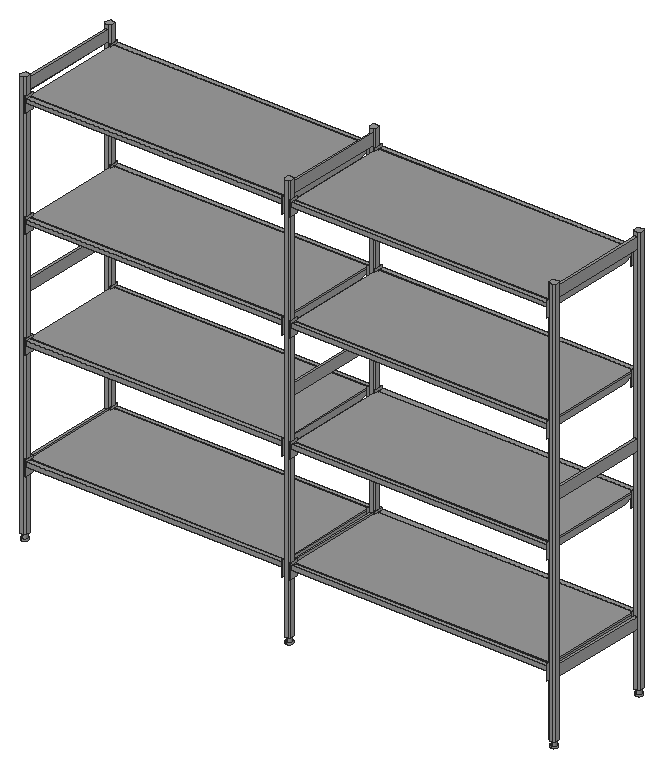
Revit family "QF_ELECTROLUXPROFESSIONAL_137045_BLS2224", category Attrezzature speciali, Revit 2020
Family settings
  Quota connettore circolare = Usa diametro
  Tipo di parte = Normale
  Basato su piano di lavoro = No
  Sempre verticale = Sì
  Taglio con vuoti quando caricato = No
  Condiviso = No
  Punto di calcolo locali = No
Parameters (values of type "Standard")
  Weight = 41.00 kg
  Watts = 0 W
  Volts = 0 V
  URL Manufacturer = "https://www.electroluxprofessional.com/"
  URL = "https://www.electroluxprofessional.com/"
  Steam Supply Size = 0 mm
  Steam Supply Minimum Pressure = 0.0 Pa
  Steam Supply Maximum Pressure = 0.0 Pa
  Steam Consumption per Hour = 0
  Refrigeration Suction Line Size = 0.0 mm
  Refrigeration Liquid Line Size = 0.0 mm
  Refrigerant Compressor Remote = yes
  Prospetto di default = 0.0 mm
  Phase = 0
  Modello = "BLS2224"
  Produttore = "Electrolux Professional"
  Length Actual = 2224.0 mm  # constant formula
  Item Number = "137045"
  Hot Water Size = 0 mm
  Height Actual = 1700.0 mm  # constant formula
  HP = "0 HP"
  Gas Size = 0 mm
  Gas KW = 0
  Gas Input Pressure = 0 W
  Direct Waste Size = 0 mm
  Descrizione = "ALUM.LINEAR SHELV.-POLY.TIERS-475X2224MM"
  Depth Actual = 475.0 mm  # constant formula
  Cycle = 0 Hz
  Condensate Return Size = 0 mm
  Compressed Air Volume = 0.0 L/s
  Compressed Air Size = 0 mm
  Compressed Air Pressure = 0.0 Pa
  Cold Water Size = 0 mm
  Accessory = yes
Reference planes
  plane 1: z = 0
  plane 2 "CenterLeft": x = -31
  plane 3 "LEFT": x = -417
  plane 4 "BACK": y = 23
  plane 5 "FRONT": y = -452
  plane 6 "TOP": z = 1700
  plane 7: x = -385
  plane 8: x = 677
  plane 9 "Center (Front/Back)": y = -214.5
  plane 10: y = -8.5
  plane 11: y = -420.5
  plane 12 "FEET": z = 25
  plane 13: z = 275
  plane 14: z = 725
  plane 15: z = 1175
  plane 16: z = 1625
  plane 17 "CXLeft": x = -403
  plane 18 "Center (Left/Right)": x = 695
  plane 19: y = 5.5
  plane 20 "CYBack": y = 5.5
  plane 21 "CYFront": y = -434.5
  plane 22 "RIGHT": x = 1807
  plane 23: x = 1775
  plane 24 "CXRight": x = 1793
  plane 25: x = 713
Forms (mm)
  Extrusion 1, solid, material "QF_Aluminum"
    sketch origin (-417, 0, -4.006) x (0, 1, 0) y (0, 0, 1)
      loop
        line (-12, 1637.003) -> (4, 1637.003) -> (4, 1655) -> (2.007, 1655) -> (2.007, 1648.501) -> (-431, 1648.501) -> (-431, 1655) -> (-433, 1655) -> (-433, 1637.003) -> (-417, 1637.003) -> (-383, 1625) -> (-46, 1625) -> (-12, 1637.003)
      loop
        line (-12, 1187.003) -> (4, 1187.003) -> (4, 1205) -> (2.007, 1205) -> (2.007, 1198.501) -> (-431, 1198.501) -> (-431, 1205) -> (-433, 1205) -> (-433, 1187.003) -> (-417, 1187.003) -> (-383, 1175) -> (-46, 1175) -> (-12, 1187.003)
      loop
        line (-12, 737.003) -> (4, 737.003) -> (4, 755) -> (2.007, 755) -> (2.007, 748.501) -> (-431, 748.501) -> (-431, 755) -> (-433, 755) -> (-433, 737.003) -> (-417, 737.003) -> (-383, 725) -> (-46, 725) -> (-12, 737.003)
      loop
        line (-12, 287.003) -> (4, 287.003) -> (4, 305) -> (2.007, 305) -> (2.007, 298.501) -> (-431, 298.501) -> (-431, 305) -> (-433, 305) -> (-433, 287.003) -> (-417, 287.003) -> (-383, 275) -> (-46, 275) -> (-12, 287.003)
    from 37 to 32
  Extrusion 2, solid, material "QF_Aluminum"
    sketch origin (-417, 0, 0) x (0, 1, 0) y (0, 0, 1)
      loop
        line (23, 246.005) -> (23, 307.993) -> (-12.993, 307.993) -> (-12.993, 246.005) -> (23, 246.005)
      loop
        line (-452, 246.005) -> (-416.007, 246.005) -> (-416.007, 307.993) -> (-452, 307.993) -> (-452, 246.005)
      loop
        line (23, 696.005) -> (23, 757.993) -> (-12.993, 757.993) -> (-12.993, 696.005) -> (23, 696.005)
      loop
        line (-452, 696.005) -> (-416.007, 696.005) -> (-416.007, 757.993) -> (-452, 757.993) -> (-452, 696.005)
      loop
        line (23, 1146.005) -> (23, 1207.993) -> (-12.993, 1207.993) -> (-12.993, 1146.005) -> (23, 1146.005)
      loop
        line (-452, 1146.005) -> (-416.007, 1146.005) -> (-416.007, 1207.993) -> (-452, 1207.993) -> (-452, 1146.005)
      loop
        line (23, 1596.005) -> (23, 1657.993) -> (-12.993, 1657.993) -> (-12.993, 1596.005) -> (23, 1596.005)
      loop
        line (-452, 1596.005) -> (-416.007, 1596.005) -> (-416.007, 1657.993) -> (-452, 1657.993) -> (-452, 1596.005)
    from 28 to 32
  Extrusion 3, solid, material "QF_Aluminum"
    sketch origin (-417, 0, 0) x (0, 1, 0) y (0, 0, 1)
      loop
        line (4, 1650.994) -> (4, 1632.998) -> (23, 1632.998) -> (23, 1650.994) -> (4, 1650.994)
      loop
        line (-433, 1650.994) -> (-452, 1650.994) -> (-452, 1632.998) -> (-433, 1632.998) -> (-433, 1650.994)
      loop
        line (4, 1200.994) -> (4, 1182.998) -> (23, 1182.998) -> (23, 1200.994) -> (4, 1200.994)
      loop
        line (-433, 1200.994) -> (-452, 1200.994) -> (-452, 1182.998) -> (-433, 1182.998) -> (-433, 1200.994)
      loop
        line (4, 750.994) -> (4, 732.998) -> (23, 732.998) -> (23, 750.994) -> (4, 750.994)
      loop
        line (-433, 750.994) -> (-452, 750.994) -> (-452, 732.998) -> (-433, 732.998) -> (-433, 750.994)
      loop
        line (4, 300.994) -> (4, 282.998) -> (23, 282.998) -> (23, 300.994) -> (4, 300.994)
      loop
        line (-433, 300.994) -> (-452, 300.994) -> (-452, 282.998) -> (-433, 282.998) -> (-433, 300.994)
    from 32 to 1094
  Extrusion 4, solid, material "QF_Polyethylene"
    sketch origin (-417, 0, 0) x (0, 1, 0) y (0, 0, 1)
      loop
        line (2.007, 1650.994) -> (-431, 1650.994) -> (-431, 1644.496) -> (2.007, 1644.496) -> (2.007, 1650.994)
      loop
        line (2.007, 1200.994) -> (-431, 1200.994) -> (-431, 1194.496) -> (2.007, 1194.496) -> (2.007, 1200.994)
      loop
        line (2.007, 750.994) -> (-431, 750.994) -> (-431, 744.496) -> (2.007, 744.496) -> (2.007, 750.994)
      loop
        line (2.007, 300.994) -> (-431, 300.994) -> (-431, 294.496) -> (2.007, 294.496) -> (2.007, 300.994)
    from 32 to 1094
  Extrusion 5, solid, material "QF_Aluminum"
    sketch origin (1807, 0, 0) x (0, 1, 0) y (0, 0, 1)
      loop
        line (4, 1650.994) -> (4, 1632.998) -> (23, 1632.998) -> (23, 1650.994) -> (4, 1650.994)
      loop
        line (-433, 1650.994) -> (-452, 1650.994) -> (-452, 1632.998) -> (-433, 1632.998) -> (-433, 1650.994)
      loop
        line (4, 1200.994) -> (4, 1182.998) -> (23, 1182.998) -> (23, 1200.994) -> (4, 1200.994)
      loop
        line (-433, 1200.994) -> (-452, 1200.994) -> (-452, 1182.998) -> (-433, 1182.998) -> (-433, 1200.994)
      loop
        line (4, 750.994) -> (4, 732.998) -> (23, 732.998) -> (23, 750.994) -> (4, 750.994)
      loop
        line (-433, 750.994) -> (-452, 750.994) -> (-452, 732.998) -> (-433, 732.998) -> (-433, 750.994)
      loop
        line (4, 300.994) -> (4, 282.998) -> (23, 282.998) -> (23, 300.994) -> (4, 300.994)
      loop
        line (-433, 300.994) -> (-452, 300.994) -> (-452, 282.998) -> (-433, 282.998) -> (-433, 300.994)
    from -32 to -1094
  Extrusion 6, solid, material "QF_Polyethylene"
    sketch origin (1807, 0, 0) x (0, 1, 0) y (0, 0, 1)
      loop
        line (2.007, 1650.994) -> (-431, 1650.994) -> (-431, 1644.496) -> (2.007, 1644.496) -> (2.007, 1650.994)
      loop
        line (2.007, 1200.994) -> (-431, 1200.994) -> (-431, 1194.496) -> (2.007, 1194.496) -> (2.007, 1200.994)
      loop
        line (2.007, 750.994) -> (-431, 750.994) -> (-431, 744.496) -> (2.007, 744.496) -> (2.007, 750.994)
      loop
        line (2.007, 300.994) -> (-431, 300.994) -> (-431, 294.496) -> (2.007, 294.496) -> (2.007, 300.994)
    from -32 to -1094
Lines and regions (mm)
  symbolic lines
    curve 1: line (677, 4, 1700) -> (-385, 4, 1700)
    curve 2: line (-408, -8.5, 1700) -> (-408, -420.5, 1700)
    curve 3: line (-398, -420.5, 1700) -> (-398, -8.5, 1700)
    curve 4: line (-389, 23, 1700) -> (681, 23, 1700)
    curve 5: line (-385, -452, 1700) -> (677, -452, 1700)
    curve 6: line (709, 23, 1700) -> (1779, 23, 1700)
    curve 7: line (709, -452, 1700) -> (1779, -452, 1700)
    curve 8: line (-385, -433, 1700) -> (677, -433, 1700)
    curve 9: line (713, -433, 1700) -> (1775, -433, 1700)
    curve 10: line (713, 4, 1700) -> (1775, 4, 1700)
    curve 11: line (1775, -12.993, 1700) -> (1775, -416.007, 1700)
    curve 12: line (677, -12.993, 1700) -> (677, -416.007, 1700)
    curve 13: line (713, -416.007, 1700) -> (713, -12.993, 1700)
    curve 14: line (-385, -12.993, 1700) -> (-385, -416.007, 1700)
Dimensions and locks
  plane 3 "LEFT" to plane 2 "CenterLeft" = 386.0 mm
  locked: plane 6 "TOP" to level at 1700
  locked: plane 4 "BACK" to plane 5 "FRONT" at 475
  locked: plane 7 to plane 8 at 1062
  locked: plane 10 to plane 11 at 412
  equal spacing: plane 10, plane 9 "Center (Front/Back)", plane 11
  equal spacing: plane 4 "BACK", plane 9 "Center (Front/Back)", plane 5 "FRONT"
  plane 12 "FEET" to level = 25.0 mm
  plane 6 "TOP" to plane 12 "FEET" = 1675.0 mm
  plane 13 to plane 12 "FEET" = 250.0 mm
  plane 14 to plane 13 = 450.0 mm
  plane 15 to plane 14 = 450.0 mm
  plane 16 to plane 15 = 450.0 mm
  locked: plane 4 "BACK" to plane 20 "CYBack" at 17.5
  locked: plane 21 "CYFront" to plane 5 "FRONT" at 17.5
  locked: plane 4 "BACK" to Extrusion 1 at 19
  locked: Extrusion 1 to plane 5 "FRONT" at 19
  Extrusion 1 sketch curve to plane 21 "CYFront" = 3.5 mm
  plane 3 "LEFT" to plane 22 "RIGHT" = 2224.0 mm
  locked: plane 25 to plane 23 at 1062
  locked: plane 8 to plane 18 "Center (Left/Right)" at 18
  locked: plane 18 "Center (Left/Right)" to plane 25 at 18
  locked: plane 3 "LEFT" to plane 7 at 32
  locked: plane 24 "CXRight" to plane 22 "RIGHT" at 14
  aligned and locked: level to plane 1
  aligned and locked: plane 7 to Extrusion 1
  aligned and locked: Extrusion 2 to plane 7
  aligned and locked: plane 7 to Extrusion 4
  aligned and locked: Extrusion 4 to plane 8
  aligned and locked: plane 7 to Extrusion 3
  aligned and locked: Extrusion 3 to plane 8
  aligned and locked: Extrusion 3 sketch curve to Extrusion 1
  aligned and locked: Extrusion 1 to Extrusion 3 sketch curve
  aligned and locked: Extrusion 3 sketch curve to Extrusion 3 sketch curve  (x2)
  aligned and locked: Extrusion 1 sketch curve to Extrusion 1 sketch curve  (x3)
  aligned and locked: Extrusion 4 sketch curve to Extrusion 1  (x4)
  aligned and locked: Extrusion 5 sketch curve to Extrusion 5 sketch curve  (x2)
  aligned and locked: Extrusion 5 to plane 25
  aligned and locked: Extrusion 6 to plane 25
  aligned and locked: nested 3 to plane 18 "Center (Left/Right)"
  aligned and locked: nested 1 to plane 17 "CXLeft"
  aligned and locked: Extrusion 3 to plane 7  (x3)
  aligned and locked: plane 8 to Extrusion 3  (x4)
  aligned and locked: plane 25 to Extrusion 5  (x4)
  aligned and locked: plane 25 to Extrusion 6  (x4)
  aligned and locked: plane 8 to Extrusion 4  (x4)
  aligned and locked: nested 2 to plane 24 "CXRight"
  aligned and locked: Extrusion 5 to plane 23
  aligned and locked: Extrusion 6 to plane 23
  aligned and locked: plane 23 to Extrusion 5  (x3)
  aligned and locked: plane 23 to Extrusion 6  (x3)
Automatic sketch dimensions
  plane 21 "CYFront" to Extrusion 1 sketch curve = 1.5 mm  (x4)
  plane 11 to Extrusion 1 sketch curve = 3.5 mm  (x4)
  Extrusion 1 sketch curve to plane 13 = 4.006 mm
  Extrusion 1 sketch curve to Extrusion 1 sketch curve = 34.0 mm  (x4)
  Extrusion 1 sketch curve to plane 14 = 4.006 mm
  Extrusion 1 sketch curve to plane 15 = 4.006 mm
  Extrusion 1 sketch curve to plane 16 = 4.006 mm
  Extrusion 1 sketch curve to plane 10 = 37.5 mm  (x4)
  Extrusion 1 sketch curve to plane 10 = 3.5 mm  (x4)
  plane 19 to Extrusion 1 sketch curve = 3.493 mm  (x4)
  plane 19 to Extrusion 1 sketch curve = 1.5 mm  (x4)
  plane 13 to Extrusion 1 sketch curve = 7.998 mm  (x2)
  Extrusion 1 sketch curve to Extrusion 1 sketch curve = 11.498 mm  (x4)
  Extrusion 1 sketch curve to Extrusion 1 sketch curve = 6.499 mm  (x8)
  plane 14 to Extrusion 1 sketch curve = 7.998 mm  (x2)
  plane 15 to Extrusion 1 sketch curve = 7.998 mm  (x2)
  plane 16 to Extrusion 1 sketch curve = 7.998 mm  (x2)
  Extrusion 2 sketch curve to plane 5 "FRONT" = 0.0 mm  (x4)
  Extrusion 2 sketch curve to plane 4 "BACK" = 0.0 mm  (x4)
  plane 11 to Extrusion 2 sketch curve = 4.493 mm  (x4)
  Extrusion 2 sketch curve to plane 10 = 4.493 mm  (x4)
  Extrusion 2 sketch curve to plane 13 = 28.995 mm  (x2)
  plane 13 to Extrusion 2 sketch curve = 32.993 mm  (x2)
  Extrusion 2 sketch curve to plane 14 = 28.995 mm  (x2)
  plane 14 to Extrusion 2 sketch curve = 32.993 mm  (x2)
  Extrusion 2 sketch curve to plane 15 = 28.995 mm  (x2)
  plane 15 to Extrusion 2 sketch curve = 32.993 mm  (x2)
  Extrusion 2 sketch curve to plane 16 = 28.995 mm  (x2)
  plane 16 to Extrusion 2 sketch curve = 32.993 mm  (x2)
  Extrusion 3 sketch curve to plane 5 "FRONT" = 0.0 mm  (x4)
  Extrusion 3 sketch curve to plane 4 "BACK" = 0.0 mm  (x4)
  plane 19 to Extrusion 3 sketch curve = 1.5 mm  (x4)
  plane 13 to Extrusion 3 sketch curve = 7.998 mm  (x2)
  Extrusion 3 sketch curve to Extrusion 3 sketch curve = 17.997 mm  (x8)
  plane 14 to Extrusion 3 sketch curve = 7.998 mm  (x2)
  plane 15 to Extrusion 3 sketch curve = 7.998 mm  (x2)
  plane 16 to Extrusion 3 sketch curve = 7.998 mm  (x2)
  plane 19 to Extrusion 4 sketch curve = 3.493 mm  (x4)
  plane 13 to Extrusion 4 sketch curve = 19.496 mm
  Extrusion 4 sketch curve to Extrusion 4 sketch curve = 6.499 mm  (x4)
  plane 14 to Extrusion 4 sketch curve = 19.496 mm
  plane 15 to Extrusion 4 sketch curve = 19.496 mm
  plane 16 to Extrusion 4 sketch curve = 19.496 mm
  Extrusion 5 sketch curve to plane 5 "FRONT" = 0.0 mm  (x4)
  Extrusion 5 sketch curve to plane 4 "BACK" = 0.0 mm  (x4)
  plane 21 "CYFront" to Extrusion 5 sketch curve = 1.5 mm  (x2)
  plane 19 to Extrusion 5 sketch curve = 1.5 mm  (x4)
  plane 13 to Extrusion 5 sketch curve = 7.998 mm  (x2)
  Extrusion 5 sketch curve to Extrusion 5 sketch curve = 17.997 mm  (x8)
  plane 14 to Extrusion 5 sketch curve = 7.998 mm  (x2)
  plane 15 to Extrusion 5 sketch curve = 7.998 mm  (x2)
  plane 16 to Extrusion 5 sketch curve = 7.998 mm  (x2)
  plane 21 "CYFront" to Extrusion 6 sketch curve = 3.5 mm  (x4)
  plane 19 to Extrusion 6 sketch curve = 3.493 mm  (x4)
  plane 13 to Extrusion 6 sketch curve = 19.496 mm
  Extrusion 6 sketch curve to Extrusion 6 sketch curve = 6.499 mm  (x4)
  plane 14 to Extrusion 6 sketch curve = 19.496 mm
  plane 15 to Extrusion 6 sketch curve = 19.496 mm
  plane 16 to Extrusion 6 sketch curve = 19.496 mm
  curve 7 to plane 5 "FRONT" = 0.0 mm
  curve 5 to plane 5 "FRONT" = 0.0 mm
  curve 8 to plane 8 = 0.0 mm
  curve 9 to plane 25 = 0.0 mm
  curve 9 to plane 23 = 0.0 mm
  curve 8 to plane 7 = 0.0 mm
  curve 2 to plane 11 = 0.0 mm
  curve 3 to plane 11 = 0.0 mm
  curve 14 to plane 7 = 0.0 mm
  curve 13 to plane 25 = 0.0 mm
  curve 12 to plane 8 = 0.0 mm
  curve 11 to plane 23 = 0.0 mm
  curve 3 to plane 10 = 0.0 mm
  curve 2 to plane 10 = 0.0 mm
  curve 1 to plane 8 = 0.0 mm
  curve 1 to plane 7 = 0.0 mm
  curve 10 to plane 23 = 0.0 mm
  curve 10 to plane 25 = 0.0 mm
  curve 4 to plane 4 "BACK" = 0.0 mm
  curve 6 to plane 4 "BACK" = 0.0 mm
  curve 5 to plane 8 = 0.0 mm
  curve 5 to plane 7 = 0.0 mm
  plane 21 "CYFront" to curve 8 = 1.5 mm
  plane 21 "CYFront" to curve 9 = 1.5 mm
  plane 11 to curve 14 = 4.493 mm
  plane 11 to curve 13 = 4.493 mm
  plane 11 to curve 12 = 4.493 mm
  plane 11 to curve 11 = 4.493 mm
  curve 14 to plane 10 = 4.493 mm
  curve 13 to plane 10 = 4.493 mm
  curve 12 to plane 10 = 4.493 mm
  curve 11 to plane 10 = 4.493 mm
  plane 19 to curve 1 = 1.5 mm
  plane 19 to curve 10 = 1.5 mm
  curve 6 to plane 23 = 4.0 mm
  curve 7 to plane 23 = 4.0 mm
  curve 6 to plane 25 = 4.0 mm
  curve 7 to plane 25 = 4.0 mm
  curve 4 to plane 8 = 4.0 mm
  plane 7 to curve 4 = 4.0 mm
  plane 17 "CXLeft" to curve 3 = 5.0 mm
  curve 2 to plane 17 "CXLeft" = 5.0 mm
Nested families
  nested 1: "WT_Anta475" at (0, 0, 0), type "WT_Anta475"
  nested 2: "WT_Anta475" at (1390, 0, 0) x (-1, 0, 0) z (0, 0, 1), type "WT_Anta475"
  nested 3: "WT_Anta475Center" at (1098, 0, 0), type "WT_Anta475Center"
Definition of nested family "WT_Anta475"
  Parameters
    WidthLeft = A + 64.0 mm  # 772.0 mm
    Width = 1606.0 mm
    Right = WidthLeft / 2  # 386.0 mm
    Default Elevation = 0.0 mm
    Left = -WidthLeft / 2  # -386.0 mm
    Height = 1725.0 mm
    FEET = 25.0 mm
    E = 0.0 mm
    Dint = Depth - 63.0 mm  # 412.0 mm
    Dext = Depth - 8.0 mm  # 467.0 mm
    Depth = 475.0 mm
    DX = (WidthLeft - A) / 2  # 32.0 mm
    B = 798.0 mm
    A = 708.0 mm
  Reference planes
    plane 1: z = 0
    plane 2 "LEFT": x = -417
    plane 3 "BACK": y = 23
    plane 4 "FRONT": y = -452
    plane 5 "TOP": z = 1725
    plane 6 "Center (Front/Back)": y = -214.5
    plane 7: y = -8.5
    plane 8: y = -420.5
    plane 9 "FEET": z = 25
    plane 10: z = 275
    plane 11: z = 725
    plane 12: z = 1175
    plane 13: z = 1625
    plane 14 "CXLeft": x = -403
    plane 15: y = 5.5
    plane 16 "CYBack": y = 5.5
    plane 17 "CYFront": y = -434.5
    plane 18: x = -385.031
    plane 19: x = -380.031
  Forms (mm)
    Extrusion 1, solid
      sketch origin (0, 0, 0) x (1, 0, 0) y (0, 1, 0)
        loop
          line (-417, 13.246) -> (-417, -2.246) -> (-410.746, -8.5) -> (-395.254, -8.5) -> (-389, -2.246) -> (-389, 13.246) -> (-395.254, 19.5) -> (-410.746, 19.5) -> (-417, 13.246)
      from 1725 to 25
    Extrusion 2, solid
      sketch origin (-417, 0, 0) x (0, 1, 0) y (0, 0, 1)
        loop
          line (23, 246.005) -> (23, 307.993) -> (-12.993, 307.993) -> (-12.993, 246.005) -> (23, 246.005)
        loop
          line (-452, 246.005) -> (-416.007, 246.005) -> (-416.007, 307.993) -> (-452, 307.993) -> (-452, 246.005)
        loop
          line (23, 696.005) -> (23, 757.993) -> (-12.993, 757.993) -> (-12.993, 696.005) -> (23, 696.005)
        loop
          line (-452, 696.005) -> (-416.007, 696.005) -> (-416.007, 757.993) -> (-452, 757.993) -> (-452, 696.005)
        loop
          line (23, 1146.005) -> (23, 1207.993) -> (-12.993, 1207.993) -> (-12.993, 1146.005) -> (23, 1146.005)
        loop
          line (-452, 1146.005) -> (-416.007, 1146.005) -> (-416.007, 1207.993) -> (-452, 1207.993) -> (-452, 1146.005)
        loop
          line (23, 1596.005) -> (23, 1657.993) -> (-12.993, 1657.993) -> (-12.993, 1596.005) -> (23, 1596.005)
        loop
          line (-452, 1596.005) -> (-416.007, 1596.005) -> (-416.007, 1657.993) -> (-452, 1657.993) -> (-452, 1596.005)
      from 28 to 32
    Revolve 3, solid
      sketch origin (-403, 0, 0) x (0, 1, 0) y (0, 0, 1)
        loop
          line (5.5, 25) -> (5.5, 0) -> (19, 0) -> (19, 5) -> (14, 5) -> (14, 25) -> (5.5, 25)
        axis (5.5, 25) -> (5.5, 0)
      angle from 0 to 360
    Extrusion 4, solid
      sketch origin (-403, 0, 0) x (0, 1, 0) y (0, 0, 1)
        loop
          line (-8.5, 912.382) -> (-8.5, 957.374) -> (-420.5, 957.374) -> (-420.5, 912.382) -> (-8.5, 912.382)
        loop
          line (-8.5, 1662.244) -> (-8.5, 1707.236) -> (-420.5, 1707.236) -> (-420.5, 1662.244) -> (-8.5, 1662.244)
      from -5 to 5
    Revolve 5, solid
      sketch origin (-403, -627, 0) x (0, -1, 0) y (0, 0, 1)
        loop
          line (-192.5, 25) -> (-192.5, 0) -> (-179, 0) -> (-179, 5) -> (-184, 5) -> (-184, 25) -> (-192.5, 25)
        axis (-192.5, 25) -> (-192.5, 0)
      angle from 0 to 360
    Extrusion 6, solid
      sketch origin (0, -627, 0) x (1, 0, 0) y (0, 1, 0)
        loop
          line (-417, 184.754) -> (-410.746, 178.5) -> (-395.254, 178.5) -> (-389, 184.754) -> (-389, 200.246) -> (-395.254, 206.5) -> (-410.746, 206.5) -> (-417, 200.246) -> (-417, 184.754)
      from 1725 to 25
    Extrusion 7, solid
      sketch origin (-417.031, -0.022, 0) x (0, 1, 0) y (0, 0, -1)
        loop
          line (-12, -1632.998) -> (-46, -1620.994) -> (-383, -1620.994) -> (-417, -1632.998) -> (-433, -1632.998) -> (-433, -1650.994) -> (-431, -1650.994) -> (-431, -1644.496) -> (2.007, -1644.496) -> (2.007, -1650.994) -> (4, -1650.994) -> (4, -1632.998) -> (-12, -1632.998)
        loop
          line (-12, -1182.998) -> (-46, -1170.994) -> (-383, -1170.994) -> (-417, -1182.998) -> (-433, -1182.998) -> (-433, -1200.994) -> (-431, -1200.994) -> (-431, -1194.496) -> (2.007, -1194.496) -> (2.007, -1200.994) -> (4, -1200.994) -> (4, -1182.998) -> (-12, -1182.998)
        loop
          line (-12, -732.998) -> (-46, -720.994) -> (-383, -720.994) -> (-417, -732.998) -> (-433, -732.998) -> (-433, -750.994) -> (-431, -750.994) -> (-431, -744.496) -> (2.007, -744.496) -> (2.007, -750.994) -> (4, -750.994) -> (4, -732.998) -> (-12, -732.998)
        loop
          line (-12, -282.998) -> (-46, -270.994) -> (-383, -270.994) -> (-417, -282.998) -> (-433, -282.998) -> (-433, -300.994) -> (-431, -300.994) -> (-431, -294.496) -> (2.007, -294.496) -> (2.007, -300.994) -> (4, -300.994) -> (4, -282.998) -> (-12, -282.998)
      from -32 to -37
    Extrusion 8, solid
      sketch origin (-403, 0, -659.878) x (0, 1, 0) y (0, 0, 1)
        loop
          line (-8.5, 912.382) -> (-8.5, 957.374) -> (-420.5, 957.374) -> (-420.5, 912.382) -> (-8.5, 912.382)
        loop
          line (-8.5, 1572.382) -> (-8.5, 1617.374) -> (-420.5, 1617.374) -> (-420.5, 1572.382) -> (-8.5, 1572.382)
        loop
          line (-8.5, 2322.382) -> (-8.5, 2367.374) -> (-420.5, 2367.374) -> (-420.5, 2322.382) -> (-8.5, 2322.382)
      from -5 to 5
  Lines and regions (mm)
    symbolic lines
      curve 1: line (-408, -8.5, 1725) -> (-408, -420.5, 1725)
      curve 2: line (-398, -420.5, 1725) -> (-398, -8.5, 1725)
      curve 3: line (-395.254, -8.5, 1725) -> (-410.746, -8.5, 1725)
      curve 4: line (-417, -2.246, 1725) -> (-410.746, -8.5, 1725)
      curve 5: line (-417, 13.246, 1725) -> (-417, -2.246, 1725)
      curve 6: line (-410.746, 19.5, 1725) -> (-417, 13.246, 1725)
      curve 7: line (-395.254, 19.5, 1725) -> (-410.746, 19.5, 1725)
      curve 8: line (-389, 13.246, 1725) -> (-395.254, 19.5, 1725)
      curve 9: line (-395.254, -8.5, 1725) -> (-389, -2.246, 1725)
      curve 10: line (-395.254, -420.5, 1725) -> (-410.746, -420.5, 1725)
      curve 11: line (-417, -426.754, 1725) -> (-410.746, -420.5, 1725)
      curve 12: line (-410.746, -448.5, 1725) -> (-417, -442.246, 1725)
      curve 13: line (-395.254, -448.5, 1725) -> (-410.746, -448.5, 1725)
      curve 14: line (-389, -442.246, 1725) -> (-395.254, -448.5, 1725)
      curve 15: line (-395.254, -420.5, 1725) -> (-389, -426.754, 1725)
      curve 16: line (-389, -452, 1725) -> (-389, -416.007, 1725)
      curve 17: line (-389, -416.007, 1725) -> (-385, -416.007, 1725)
      curve 18: line (-389, 23, 1725) -> (-389, -12.993, 1725)
      curve 19: line (-389, -12.993, 1725) -> (-385, -12.993, 1725)
      curve 20: line (-417, -426.754, 1725) -> (-417, -442.246, 1725)
      curve 21: line (-385, -452, 1725) -> (-385, -416.007, 1725)
      curve 22: line (-385, -452, 1725) -> (-389, -452, 1725)
      curve 23: line (-385, 23, 1725) -> (-389, 23, 1725)
      curve 24: line (-385, -12.993, 1725) -> (-385, 23, 1725)
      curve 25: line (-385.031, -13.016, 1725) -> (-385.031, -416.029, 1725)
  Dimensions and locks
    "Height": plane 5 "TOP" to level
    "Depth": plane 3 "BACK" to plane 4 "FRONT"
    "Dint": plane 7 to plane 8
    equal spacing: plane 7, plane 6 "Center (Front/Back)", plane 8
    equal spacing: plane 3 "BACK", plane 6 "Center (Front/Back)", plane 4 "FRONT"
    plane 9 "FEET" to level = 25.0 mm
    plane 5 "TOP" to plane 9 "FEET" = 1700.0 mm
    plane 10 to plane 9 "FEET" = 250.0 mm
    plane 11 to plane 10 = 450.0 mm
    plane 12 to plane 11 = 450.0 mm
    plane 13 to plane 12 = 450.0 mm
    locked: plane 2 "LEFT" to plane 14 "CXLeft" at 14
    locked: plane 3 "BACK" to plane 16 "CYBack" at 17.5
    locked: plane 17 "CYFront" to plane 4 "FRONT" at 17.5
    locked: Revolve 3 sketch curve to Revolve 3 sketch curve at 8.5
    locked: Revolve 3 sketch curve to plane 16 "CYBack" at 13.5
    locked: Revolve 5 sketch curve to Revolve 5 sketch curve at 8.5
    aligned and locked: level to plane 1
    aligned and locked: curve 20 to Extrusion 6
    aligned and locked: plane 5 "TOP" to Extrusion 1
    aligned and locked: plane 5 "TOP" to Extrusion 6
    aligned and locked: Extrusion 7 sketch curve to Extrusion 7 sketch curve  (x3)
  Automatic sketch dimensions
    curve 16 to plane 4 "FRONT" = 0.0 mm
    curve 11 to plane 8 = 0.0 mm
    curve 9 to plane 7 = 0.0 mm
    curve 5 to plane 2 "LEFT" = 0.0 mm
    curve 23 to plane 3 "BACK" = 0.0 mm
    plane 4 "FRONT" to curve 13 = 3.5 mm
    curve 20 to plane 17 "CYFront" = 7.746 mm
    curve 20 to plane 8 = 6.254 mm
    plane 8 to curve 16 = 4.493 mm
    curve 24 to plane 18 = 0.031 mm
    curve 24 to plane 7 = 4.493 mm
    plane 7 to curve 5 = 6.254 mm
    curve 5 to plane 15 = 7.746 mm
    curve 6 to plane 3 "BACK" = 3.5 mm
    curve 21 to plane 18 = 0.031 mm
    plane 18 to curve 23 = 3.969 mm
    plane 18 to curve 16 = 3.969 mm
    curve 18 to curve 8 = 6.254 mm
    curve 18 to curve 3 = 6.254 mm
    curve 16 to curve 13 = 6.254 mm
    curve 16 to curve 15 = 6.254 mm
    plane 2 "LEFT" to curve 10 = 6.254 mm
    plane 2 "LEFT" to curve 7 = 6.254 mm
    plane 2 "LEFT" to curve 12 = 6.254 mm
    plane 2 "LEFT" to curve 3 = 6.254 mm
    curve 14 to plane 17 "CYFront" = 7.746 mm
    curve 15 to plane 8 = 6.254 mm
    plane 7 to curve 9 = 6.254 mm
    curve 8 to plane 15 = 7.746 mm
    curve 3 to curve 2 = 2.746 mm
    curve 1 to curve 10 = 2.746 mm
    Extrusion 1 sketch curve to plane 2 "LEFT" = 0.0 mm
    Extrusion 1 sketch curve to plane 7 = 0.0 mm
    plane 2 "LEFT" to Extrusion 1 sketch curve = 6.254 mm  (x2)
    plane 14 "CXLeft" to Extrusion 1 sketch curve = 7.746 mm  (x2)
    Extrusion 1 sketch curve to plane 3 "BACK" = 3.5 mm
    plane 18 to Extrusion 1 sketch curve = 3.969 mm
    plane 7 to Extrusion 1 sketch curve = 6.254 mm  (x2)
    Extrusion 1 sketch curve to plane 15 = 7.746 mm  (x2)
    Extrusion 2 sketch curve to plane 4 "FRONT" = 0.0 mm  (x4)
    Extrusion 2 sketch curve to plane 3 "BACK" = 0.0 mm  (x4)
    plane 8 to Extrusion 2 sketch curve = 4.493 mm  (x4)
    Extrusion 2 sketch curve to plane 7 = 4.493 mm  (x4)
    Extrusion 2 sketch curve to plane 10 = 28.995 mm  (x2)
    plane 10 to Extrusion 2 sketch curve = 32.993 mm  (x2)
    Extrusion 2 sketch curve to plane 11 = 28.995 mm  (x2)
    plane 11 to Extrusion 2 sketch curve = 32.993 mm  (x2)
    Extrusion 2 sketch curve to plane 12 = 28.995 mm  (x2)
    plane 12 to Extrusion 2 sketch curve = 32.993 mm  (x2)
    Extrusion 2 sketch curve to plane 13 = 28.995 mm  (x2)
    plane 13 to Extrusion 2 sketch curve = 32.993 mm  (x2)
    Revolve 3 sketch curve to plane 9 "FEET" = 0.0 mm  (x2)
    Revolve 3 sketch curve to plane 15 = 0.0 mm  (x2)
    Revolve 3 sketch curve to level = 0.0 mm
    level to Revolve 3 sketch curve = 5.0 mm
    Revolve 3 sketch curve to Revolve 3 sketch curve = 11.655 mm
    Extrusion 4 sketch curve to plane 8 = 0.0 mm  (x2)
    Extrusion 4 sketch curve to plane 7 = 0.0 mm  (x2)
    plane 11 to Extrusion 4 sketch curve = 187.382 mm
    Extrusion 4 sketch curve to Extrusion 4 sketch curve = 44.992 mm
    plane 13 to Extrusion 4 sketch curve = 37.244 mm
    Extrusion 4 sketch curve to plane 5 "TOP" = 17.764 mm
    Revolve 5 sketch curve to plane 9 "FEET" = 0.0 mm  (x2)
    Revolve 5 sketch curve to plane 17 "CYFront" = 0.0 mm  (x2)
    Revolve 5 sketch curve to level = 0.0 mm
    Revolve 5 sketch curve to plane 4 "FRONT" = 4.0 mm
    Revolve 5 sketch curve to Revolve 5 sketch curve = 5.0 mm
    level to Revolve 5 sketch curve = 11.655 mm
    Extrusion 6 sketch curve to plane 2 "LEFT" = 0.0 mm
    Extrusion 6 sketch curve to plane 8 = 0.0 mm
    Extrusion 6 sketch curve to plane 2 "LEFT" = 6.254 mm  (x2)
    Extrusion 6 sketch curve to plane 14 "CXLeft" = 7.746 mm  (x2)
    Extrusion 6 sketch curve to plane 4 "FRONT" = 3.5 mm
    Extrusion 6 sketch curve to plane 18 = 3.969 mm
    plane 8 to Extrusion 6 sketch curve = 6.254 mm  (x2)
    plane 17 "CYFront" to Extrusion 6 sketch curve = 7.746 mm  (x2)
    plane 17 "CYFront" to Extrusion 7 sketch curve = 1.478 mm  (x4)
    Extrusion 7 sketch curve to Extrusion 7 sketch curve = 2.0 mm
    plane 8 to Extrusion 7 sketch curve = 3.478 mm  (x4)
    Extrusion 7 sketch curve to plane 10 = 4.006 mm
    Extrusion 7 sketch curve to Extrusion 7 sketch curve = 34.0 mm  (x4)
    Extrusion 7 sketch curve to plane 11 = 4.006 mm
    Extrusion 7 sketch curve to plane 12 = 4.006 mm
    Extrusion 7 sketch curve to plane 13 = 4.006 mm
    Extrusion 7 sketch curve to plane 7 = 37.522 mm  (x4)
    Extrusion 7 sketch curve to plane 7 = 3.522 mm  (x4)
    plane 15 to Extrusion 7 sketch curve = 3.516 mm  (x4)
    plane 15 to Extrusion 7 sketch curve = 1.522 mm  (x4)
    plane 13 to Extrusion 7 sketch curve = 7.998 mm  (x2)
    Extrusion 7 sketch curve to Extrusion 7 sketch curve = 11.498 mm
    Extrusion 7 sketch curve to Extrusion 7 sketch curve = 6.499 mm  (x5)
    plane 12 to Extrusion 7 sketch curve = 25.994 mm  (x2)
    plane 12 to Extrusion 7 sketch curve = 7.998 mm  (x2)
    plane 11 to Extrusion 7 sketch curve = 25.994 mm  (x2)
    plane 11 to Extrusion 7 sketch curve = 7.998 mm  (x2)
    plane 10 to Extrusion 7 sketch curve = 25.994 mm  (x2)
    plane 10 to Extrusion 7 sketch curve = 7.998 mm  (x2)
    curve 25 to plane 18 = 0.0 mm
    plane 8 to curve 25 = 4.471 mm
    curve 25 to plane 7 = 4.516 mm
    Extrusion 8 sketch curve to plane 8 = 0.0 mm  (x3)
    Extrusion 8 sketch curve to plane 7 = 0.0 mm  (x3)
    Extrusion 8 sketch curve to plane 10 = 22.496 mm
    plane 10 to Extrusion 8 sketch curve = 22.496 mm
    plane 11 to Extrusion 8 sketch curve = 187.504 mm
    Extrusion 8 sketch curve to Extrusion 8 sketch curve = 44.992 mm
    plane 13 to Extrusion 8 sketch curve = 37.504 mm
    Extrusion 8 sketch curve to plane 5 "TOP" = 17.504 mm
Definition of nested family "WT_Anta475Center"
  Parameters
    WidthLeft = A + 64.0 mm  # 772.0 mm
    Width = 1606.0 mm
    Right = WidthLeft / 2  # 386.0 mm
    Default Elevation = 0.0 mm
    Left = -WidthLeft / 2  # -386.0 mm
    Height = 1725.0 mm
    FEET = 25.0 mm
    E = 0.0 mm
    Dint = Depth - 63.0 mm  # 412.0 mm
    Dext = Depth - 8.0 mm  # 467.0 mm
    Depth = 475.0 mm
    DX = (WidthLeft - A) / 2  # 32.0 mm
    B = 798.0 mm
    A = 708.0 mm
  Reference planes
    plane 1: z = 0
    plane 2 "L": x = -417
    plane 3 "BACK": y = 23
    plane 4 "FRONT": y = -452
    plane 5 "TOP": z = 1725
    plane 6 "Center (Front/Back)": y = -214.5
    plane 7: y = -8.5
    plane 8: y = -420.5
    plane 9 "FEET": z = 25
    plane 10: z = 275
    plane 11: z = 725
    plane 12: z = 1175
    plane 13: z = 1625
    plane 14 "CXLeft": x = -403
    plane 15: y = 5.5
    plane 16 "CYBack": y = 5.5
    plane 17 "CYFront": y = -434.5
    plane 18: x = -385.031
    plane 19 "RIGHT": x = -380.031
    plane 20: x = -420.969
    plane 21 "LEFT": x = -425.969
  Forms (mm)
    Extrusion 1, solid
      sketch origin (0, 0, 0) x (1, 0, 0) y (0, 1, 0)
        loop
          line (-417, 13.246) -> (-417, -2.246) -> (-410.746, -8.5) -> (-395.254, -8.5) -> (-389, -2.246) -> (-389, 13.246) -> (-395.254, 19.5) -> (-410.746, 19.5) -> (-417, 13.246)
      from 1725 to 25
    Extrusion 2, solid
      sketch origin (-417, 0, 0) x (0, 1, 0) y (0, 0, 1)
        loop
          line (23, 246.005) -> (23, 307.993) -> (-12.993, 307.993) -> (-12.993, 246.005) -> (23, 246.005)
        loop
          line (-452, 246.005) -> (-416.007, 246.005) -> (-416.007, 307.993) -> (-452, 307.993) -> (-452, 246.005)
        loop
          line (23, 696.005) -> (23, 757.993) -> (-12.993, 757.993) -> (-12.993, 696.005) -> (23, 696.005)
        loop
          line (-452, 696.005) -> (-416.007, 696.005) -> (-416.007, 757.993) -> (-452, 757.993) -> (-452, 696.005)
        loop
          line (23, 1146.005) -> (23, 1207.993) -> (-12.993, 1207.993) -> (-12.993, 1146.005) -> (23, 1146.005)
        loop
          line (-452, 1146.005) -> (-416.007, 1146.005) -> (-416.007, 1207.993) -> (-452, 1207.993) -> (-452, 1146.005)
        loop
          line (23, 1596.005) -> (23, 1657.993) -> (-12.993, 1657.993) -> (-12.993, 1596.005) -> (23, 1596.005)
        loop
          line (-452, 1596.005) -> (-416.007, 1596.005) -> (-416.007, 1657.993) -> (-452, 1657.993) -> (-452, 1596.005)
      from 28 to 32
    Revolve 3, solid
      sketch origin (-403, 0, 0) x (0, 1, 0) y (0, 0, 1)
        loop
          line (5.5, 25) -> (5.5, 0) -> (19, 0) -> (19, 5) -> (14, 5) -> (14, 25) -> (5.5, 25)
        axis (5.5, 25) -> (5.5, 0)
      angle from 0 to 360
    Extrusion 4, solid
      sketch origin (-403, 0, 0) x (0, 1, 0) y (0, 0, 1)
        loop
          line (-8.5, 912.382) -> (-8.5, 957.374) -> (-420.5, 957.374) -> (-420.5, 912.382) -> (-8.5, 912.382)
        loop
          line (-8.5, 1662.244) -> (-8.5, 1707.236) -> (-420.5, 1707.236) -> (-420.5, 1662.244) -> (-8.5, 1662.244)
      from -5 to 5
    Revolve 5, solid
      sketch origin (-403, -627, 0) x (0, -1, 0) y (0, 0, 1)
        loop
          line (-192.5, 25) -> (-192.5, 0) -> (-179, 0) -> (-179, 5) -> (-184, 5) -> (-184, 25) -> (-192.5, 25)
        axis (-192.5, 25) -> (-192.5, 0)
      angle from 0 to 360
    Extrusion 6, solid
      sketch origin (0, -627, 0) x (1, 0, 0) y (0, 1, 0)
        loop
          line (-417, 184.754) -> (-410.746, 178.5) -> (-395.254, 178.5) -> (-389, 184.754) -> (-389, 200.246) -> (-395.254, 206.5) -> (-410.746, 206.5) -> (-417, 200.246) -> (-417, 184.754)
      from 1725 to 25
    Extrusion 7, solid
      sketch origin (-417.031, -0.022, 0) x (0, 1, 0) y (0, 0, -1)
        loop
          line (-12, -1632.998) -> (-46, -1620.994) -> (-383, -1620.994) -> (-417, -1632.998) -> (-433, -1632.998) -> (-433, -1650.994) -> (-431, -1650.994) -> (-431, -1644.496) -> (2.007, -1644.496) -> (2.007, -1650.994) -> (4, -1650.994) -> (4, -1632.998) -> (-12, -1632.998)
        loop
          line (-12, -1182.998) -> (-46, -1170.994) -> (-383, -1170.994) -> (-417, -1182.998) -> (-433, -1182.998) -> (-433, -1200.994) -> (-431, -1200.994) -> (-431, -1194.496) -> (2.007, -1194.496) -> (2.007, -1200.994) -> (4, -1200.994) -> (4, -1182.998) -> (-12, -1182.998)
        loop
          line (-12, -732.998) -> (-46, -720.994) -> (-383, -720.994) -> (-417, -732.998) -> (-433, -732.998) -> (-433, -750.994) -> (-431, -750.994) -> (-431, -744.496) -> (2.007, -744.496) -> (2.007, -750.994) -> (4, -750.994) -> (4, -732.998) -> (-12, -732.998)
        loop
          line (-12, -282.998) -> (-46, -270.994) -> (-383, -270.994) -> (-417, -282.998) -> (-433, -282.998) -> (-433, -300.994) -> (-431, -300.994) -> (-431, -294.496) -> (2.007, -294.496) -> (2.007, -300.994) -> (4, -300.994) -> (4, -282.998) -> (-12, -282.998)
      from -32 to -37
    Extrusion 8, solid
      sketch origin (-403, 0, -659.878) x (0, 1, 0) y (0, 0, 1)
        loop
          line (-8.5, 912.382) -> (-8.5, 957.374) -> (-420.5, 957.374) -> (-420.5, 912.382) -> (-8.5, 912.382)
        loop
          line (-8.5, 1572.382) -> (-8.5, 1617.374) -> (-420.5, 1617.374) -> (-420.5, 1572.382) -> (-8.5, 1572.382)
        loop
          line (-8.5, 2322.382) -> (-8.5, 2367.374) -> (-420.5, 2367.374) -> (-420.5, 2322.382) -> (-8.5, 2322.382)
      from -5 to 5
    Extrusion 9, solid
      sketch origin (-389, 0, 0) x (0, 1, 0) y (0, 0, -1)
        loop
          line (23, -246.005) -> (-12.993, -246.005) -> (-12.993, -307.993) -> (23, -307.993) -> (23, -246.005)
        loop
          line (-452, -246.005) -> (-452, -307.993) -> (-416.007, -307.993) -> (-416.007, -246.005) -> (-452, -246.005)
        loop
          line (23, -696.005) -> (-12.993, -696.005) -> (-12.993, -757.993) -> (23, -757.993) -> (23, -696.005)
        loop
          line (-452, -696.005) -> (-452, -757.993) -> (-416.007, -757.993) -> (-416.007, -696.005) -> (-452, -696.005)
        loop
          line (23, -1146.005) -> (-12.993, -1146.005) -> (-12.993, -1207.993) -> (23, -1207.993) -> (23, -1146.005)
        loop
          line (-452, -1146.005) -> (-452, -1207.993) -> (-416.007, -1207.993) -> (-416.007, -1146.005) -> (-452, -1146.005)
        loop
          line (23, -1596.005) -> (-12.993, -1596.005) -> (-12.993, -1657.993) -> (23, -1657.993) -> (23, -1596.005)
        loop
          line (-452, -1596.005) -> (-452, -1657.993) -> (-416.007, -1657.993) -> (-416.007, -1596.005) -> (-452, -1596.005)
      from 28 to 32
    Extrusion 10, solid
      sketch origin (-388.969, -0.022, 0) x (0, 1, 0) y (0, 0, 1)
        loop
          line (-12, 1632.998) -> (4, 1632.998) -> (4, 1650.994) -> (2.007, 1650.994) -> (2.007, 1644.496) -> (-431, 1644.496) -> (-431, 1650.994) -> (-433, 1650.994) -> (-433, 1632.998) -> (-417, 1632.998) -> (-383, 1620.994) -> (-46, 1620.994) -> (-12, 1632.998)
        loop
          line (-12, 1182.998) -> (4, 1182.998) -> (4, 1200.994) -> (2.007, 1200.994) -> (2.007, 1194.496) -> (-431, 1194.496) -> (-431, 1200.994) -> (-433, 1200.994) -> (-433, 1182.998) -> (-417, 1182.998) -> (-383, 1170.994) -> (-46, 1170.994) -> (-12, 1182.998)
        loop
          line (-12, 732.998) -> (4, 732.998) -> (4, 750.994) -> (2.007, 750.994) -> (2.007, 744.496) -> (-431, 744.496) -> (-431, 750.994) -> (-433, 750.994) -> (-433, 732.998) -> (-417, 732.998) -> (-383, 720.994) -> (-46, 720.994) -> (-12, 732.998)
        loop
          line (-12, 282.998) -> (4, 282.998) -> (4, 300.994) -> (2.007, 300.994) -> (2.007, 294.496) -> (-431, 294.496) -> (-431, 300.994) -> (-433, 300.994) -> (-433, 282.998) -> (-417, 282.998) -> (-383, 270.994) -> (-46, 270.994) -> (-12, 282.998)
      from -32 to -37
  Lines and regions (mm)
    symbolic lines
      curve 1: line (-408, -8.5, 1725) -> (-408, -420.5, 1725)
      curve 2: line (-398, -420.5, 1725) -> (-398, -8.5, 1725)
      curve 3: line (-395.254, -8.5, 1725) -> (-410.746, -8.5, 1725)
      curve 4: line (-417, -2.246, 1725) -> (-410.746, -8.5, 1725)
      curve 5: line (-410.746, 19.5, 1725) -> (-417, 13.246, 1725)
      curve 6: line (-395.254, 19.5, 1725) -> (-410.746, 19.5, 1725)
      curve 7: line (-389, 13.246, 1725) -> (-395.254, 19.5, 1725)
      curve 8: line (-395.254, -8.5, 1725) -> (-389, -2.246, 1725)
      curve 9: line (-395.254, -420.5, 1725) -> (-410.746, -420.5, 1725)
      curve 10: line (-417, -426.754, 1725) -> (-410.746, -420.5, 1725)
      curve 11: line (-410.746, -448.5, 1725) -> (-417, -442.246, 1725)
      curve 12: line (-395.254, -448.5, 1725) -> (-410.746, -448.5, 1725)
      curve 13: line (-389, -442.246, 1725) -> (-395.254, -448.5, 1725)
      curve 14: line (-395.254, -420.5, 1725) -> (-389, -426.754, 1725)
      curve 15: line (-389, -452, 1725) -> (-389, -416.007, 1725)
      curve 16: line (-389, -416.007, 1725) -> (-385, -416.007, 1725)
      curve 17: line (-389, 23, 1725) -> (-389, -12.993, 1725)
      curve 18: line (-389, -12.993, 1725) -> (-385, -12.993, 1725)
      curve 19: line (-385, -452, 1725) -> (-385, -416.007, 1725)
      curve 20: line (-385, -452, 1725) -> (-389, -452, 1725)
      curve 21: line (-385, 23, 1725) -> (-389, 23, 1725)
      curve 22: line (-385, -12.993, 1725) -> (-385, 23, 1725)
      curve 23: line (-385.031, -13.016, 1725) -> (-385.031, -416.029, 1725)
      curve 24: line (-417, -452, 1725) -> (-417, -416.007, 1725)
      curve 25: line (-417, -416.007, 1725) -> (-421, -416.007, 1725)
      curve 26: line (-417, 23, 1725) -> (-417, -12.993, 1725)
      curve 27: line (-417, -12.993, 1725) -> (-421, -12.993, 1725)
      curve 28: line (-421, -452, 1725) -> (-421, -416.007, 1725)
      curve 29: line (-421, -452, 1725) -> (-417, -452, 1725)
      curve 30: line (-421, 23, 1725) -> (-417, 23, 1725)
      curve 31: line (-421, -12.993, 1725) -> (-421, 23, 1725)
      curve 32: line (-420.969, -13.016, 1725) -> (-420.969, -416.029, 1725)
  Dimensions and locks
    "Height": plane 5 "TOP" to level
    "Depth": plane 3 "BACK" to plane 4 "FRONT"
    "Dint": plane 7 to plane 8
    equal spacing: plane 7, plane 6 "Center (Front/Back)", plane 8
    equal spacing: plane 3 "BACK", plane 6 "Center (Front/Back)", plane 4 "FRONT"
    plane 9 "FEET" to level = 25.0 mm
    plane 5 "TOP" to plane 9 "FEET" = 1700.0 mm
    plane 10 to plane 9 "FEET" = 250.0 mm
    plane 11 to plane 10 = 450.0 mm
    plane 12 to plane 11 = 450.0 mm
    plane 13 to plane 12 = 450.0 mm
    locked: plane 3 "BACK" to plane 16 "CYBack" at 17.5
    locked: plane 17 "CYFront" to plane 4 "FRONT" at 17.5
    locked: Revolve 3 sketch curve to Revolve 3 sketch curve at 8.5
    locked: Revolve 3 sketch curve to plane 16 "CYBack" at 13.5
    locked: Revolve 5 sketch curve to Revolve 5 sketch curve at 8.5
    aligned and locked: level to plane 1
    aligned and locked: plane 5 "TOP" to Extrusion 1
    aligned and locked: plane 5 "TOP" to Extrusion 6
    aligned and locked: Extrusion 7 sketch curve to Extrusion 7 sketch curve  (x3)
    aligned and locked: Extrusion 10 sketch curve to Extrusion 10 sketch curve  (x3)
  Automatic sketch dimensions
    curve 15 to plane 4 "FRONT" = 0.0 mm
    curve 28 to plane 4 "FRONT" = 0.0 mm
    curve 9 to plane 8 = 0.0 mm
    curve 25 to plane 2 "L" = 0.0 mm
    curve 8 to plane 7 = 0.0 mm
    curve 17 to plane 3 "BACK" = 0.0 mm
    curve 30 to plane 3 "BACK" = 0.0 mm
    plane 4 "FRONT" to curve 11 = 3.5 mm
    curve 19 to plane 18 = 0.031 mm
    plane 8 to curve 19 = 4.493 mm
    plane 8 to curve 25 = 4.493 mm
    curve 27 to plane 20 = 0.031 mm
    curve 27 to plane 7 = 4.493 mm
    curve 17 to plane 7 = 4.493 mm
    curve 5 to plane 15 = 7.746 mm
    curve 7 to plane 3 "BACK" = 3.5 mm
    curve 18 to plane 18 = 0.031 mm
    plane 18 to curve 21 = 3.969 mm
    plane 18 to curve 20 = 3.969 mm
    curve 15 to curve 9 = 6.254 mm
    curve 17 to curve 7 = 6.254 mm
    curve 17 to curve 3 = 6.254 mm
    curve 15 to curve 12 = 6.254 mm
    plane 2 "L" to curve 12 = 6.254 mm
    plane 2 "L" to curve 4 = 6.254 mm
    plane 2 "L" to curve 10 = 6.254 mm
    plane 2 "L" to curve 5 = 6.254 mm
    curve 28 to plane 20 = 0.031 mm
    curve 13 to plane 17 "CYFront" = 7.746 mm
    curve 14 to plane 8 = 6.254 mm
    plane 7 to curve 8 = 6.254 mm
    curve 7 to plane 15 = 7.746 mm
    curve 9 to curve 2 = 2.746 mm
    curve 1 to curve 9 = 2.746 mm
    Extrusion 1 sketch curve to plane 2 "L" = 0.0 mm
    Extrusion 1 sketch curve to plane 7 = 0.0 mm
    plane 2 "L" to Extrusion 1 sketch curve = 6.254 mm  (x2)
    plane 14 "CXLeft" to Extrusion 1 sketch curve = 7.746 mm  (x2)
    Extrusion 1 sketch curve to plane 3 "BACK" = 3.5 mm
    plane 18 to Extrusion 1 sketch curve = 3.969 mm
    plane 7 to Extrusion 1 sketch curve = 6.254 mm  (x2)
    Extrusion 1 sketch curve to plane 15 = 7.746 mm  (x2)
    Extrusion 2 sketch curve to plane 4 "FRONT" = 0.0 mm  (x4)
    Extrusion 2 sketch curve to plane 3 "BACK" = 0.0 mm  (x4)
    plane 8 to Extrusion 2 sketch curve = 4.493 mm  (x4)
    Extrusion 2 sketch curve to plane 7 = 4.493 mm  (x4)
    Extrusion 2 sketch curve to plane 10 = 28.995 mm  (x2)
    plane 10 to Extrusion 2 sketch curve = 32.993 mm  (x2)
    Extrusion 2 sketch curve to plane 11 = 28.995 mm  (x2)
    plane 11 to Extrusion 2 sketch curve = 32.993 mm  (x2)
    Extrusion 2 sketch curve to plane 12 = 28.995 mm  (x2)
    plane 12 to Extrusion 2 sketch curve = 32.993 mm  (x2)
    Extrusion 2 sketch curve to plane 13 = 28.995 mm  (x2)
    plane 13 to Extrusion 2 sketch curve = 32.993 mm  (x2)
    Revolve 3 sketch curve to plane 9 "FEET" = 0.0 mm  (x2)
    Revolve 3 sketch curve to plane 15 = 0.0 mm  (x2)
    Revolve 3 sketch curve to level = 0.0 mm
    level to Revolve 3 sketch curve = 5.0 mm
    Revolve 3 sketch curve to Revolve 3 sketch curve = 11.655 mm
    Extrusion 4 sketch curve to plane 8 = 0.0 mm  (x2)
    Extrusion 4 sketch curve to plane 7 = 0.0 mm  (x2)
    plane 11 to Extrusion 4 sketch curve = 187.382 mm
    Extrusion 4 sketch curve to Extrusion 4 sketch curve = 44.992 mm
    plane 13 to Extrusion 4 sketch curve = 37.244 mm
    Extrusion 4 sketch curve to plane 5 "TOP" = 17.764 mm
    Revolve 5 sketch curve to plane 9 "FEET" = 0.0 mm  (x2)
    Revolve 5 sketch curve to plane 17 "CYFront" = 0.0 mm  (x2)
    Revolve 5 sketch curve to level = 0.0 mm
    Revolve 5 sketch curve to plane 4 "FRONT" = 4.0 mm
    Revolve 5 sketch curve to Revolve 5 sketch curve = 5.0 mm
    level to Revolve 5 sketch curve = 11.655 mm
    Extrusion 6 sketch curve to plane 2 "L" = 0.0 mm
    Extrusion 6 sketch curve to plane 8 = 0.0 mm
    Extrusion 6 sketch curve to plane 2 "L" = 6.254 mm  (x2)
    Extrusion 6 sketch curve to plane 14 "CXLeft" = 7.746 mm  (x2)
    Extrusion 6 sketch curve to plane 4 "FRONT" = 3.5 mm
    Extrusion 6 sketch curve to plane 18 = 3.969 mm
    plane 8 to Extrusion 6 sketch curve = 6.254 mm  (x2)
    plane 17 "CYFront" to Extrusion 6 sketch curve = 7.746 mm  (x2)
    plane 17 "CYFront" to Extrusion 7 sketch curve = 1.478 mm  (x4)
    Extrusion 7 sketch curve to Extrusion 7 sketch curve = 2.0 mm
    plane 8 to Extrusion 7 sketch curve = 3.478 mm  (x4)
    Extrusion 7 sketch curve to plane 10 = 4.006 mm
    Extrusion 7 sketch curve to Extrusion 7 sketch curve = 34.0 mm  (x4)
    Extrusion 7 sketch curve to plane 11 = 4.006 mm
    Extrusion 7 sketch curve to plane 12 = 4.006 mm
    Extrusion 7 sketch curve to plane 13 = 4.006 mm
    Extrusion 7 sketch curve to plane 7 = 37.522 mm  (x4)
    Extrusion 7 sketch curve to plane 7 = 3.522 mm  (x4)
    plane 15 to Extrusion 7 sketch curve = 3.516 mm  (x4)
    plane 15 to Extrusion 7 sketch curve = 1.522 mm  (x4)
    plane 13 to Extrusion 7 sketch curve = 7.998 mm  (x2)
    Extrusion 7 sketch curve to Extrusion 7 sketch curve = 11.498 mm
    Extrusion 7 sketch curve to Extrusion 7 sketch curve = 6.499 mm  (x5)
    plane 12 to Extrusion 7 sketch curve = 25.994 mm  (x2)
    plane 12 to Extrusion 7 sketch curve = 7.998 mm  (x2)
    plane 11 to Extrusion 7 sketch curve = 25.994 mm  (x2)
    plane 11 to Extrusion 7 sketch curve = 7.998 mm  (x2)
    plane 10 to Extrusion 7 sketch curve = 25.994 mm  (x2)
    plane 10 to Extrusion 7 sketch curve = 7.998 mm  (x2)
    curve 23 to plane 18 = 0.0 mm
    curve 32 to plane 20 = 0.0 mm
    plane 8 to curve 23 = 4.471 mm
    plane 8 to curve 32 = 4.471 mm
    curve 32 to plane 7 = 4.516 mm
    curve 23 to plane 7 = 4.516 mm
    Extrusion 8 sketch curve to plane 8 = 0.0 mm  (x3)
    Extrusion 8 sketch curve to plane 7 = 0.0 mm  (x3)
    Extrusion 8 sketch curve to plane 10 = 22.496 mm
    plane 10 to Extrusion 8 sketch curve = 22.496 mm
    plane 11 to Extrusion 8 sketch curve = 187.504 mm
    Extrusion 8 sketch curve to Extrusion 8 sketch curve = 44.992 mm
    plane 13 to Extrusion 8 sketch curve = 37.504 mm
    Extrusion 8 sketch curve to plane 5 "TOP" = 17.504 mm
    Extrusion 9 sketch curve to plane 4 "FRONT" = 0.0 mm  (x4)
    Extrusion 9 sketch curve to plane 3 "BACK" = 0.0 mm  (x4)
    plane 8 to Extrusion 9 sketch curve = 4.493 mm  (x4)
    Extrusion 9 sketch curve to plane 7 = 4.493 mm  (x4)
    plane 13 to Extrusion 9 sketch curve = 32.993 mm  (x2)
    Extrusion 9 sketch curve to plane 13 = 28.995 mm  (x2)
    plane 12 to Extrusion 9 sketch curve = 32.993 mm  (x2)
    Extrusion 9 sketch curve to plane 12 = 28.995 mm  (x2)
    plane 11 to Extrusion 9 sketch curve = 32.993 mm  (x2)
    Extrusion 9 sketch curve to plane 11 = 28.995 mm  (x2)
    plane 10 to Extrusion 9 sketch curve = 32.993 mm  (x2)
    Extrusion 9 sketch curve to plane 10 = 28.995 mm  (x2)
    plane 17 "CYFront" to Extrusion 10 sketch curve = 1.478 mm  (x4)
    Extrusion 10 sketch curve to Extrusion 10 sketch curve = 2.0 mm
    plane 8 to Extrusion 10 sketch curve = 3.478 mm  (x4)
    Extrusion 10 sketch curve to plane 10 = 4.006 mm
    Extrusion 10 sketch curve to Extrusion 10 sketch curve = 34.0 mm  (x4)
    Extrusion 10 sketch curve to plane 11 = 4.006 mm
    Extrusion 10 sketch curve to plane 12 = 4.006 mm
    Extrusion 10 sketch curve to plane 13 = 4.006 mm
    Extrusion 10 sketch curve to plane 7 = 37.522 mm  (x4)
    Extrusion 10 sketch curve to plane 7 = 3.522 mm  (x4)
    plane 15 to Extrusion 10 sketch curve = 3.516 mm  (x4)
    plane 15 to Extrusion 10 sketch curve = 1.522 mm  (x4)
    plane 10 to Extrusion 10 sketch curve = 7.998 mm  (x2)
    Extrusion 10 sketch curve to Extrusion 10 sketch curve = 11.498 mm  (x4)
    Extrusion 10 sketch curve to Extrusion 10 sketch curve = 6.499 mm  (x8)
    plane 11 to Extrusion 10 sketch curve = 7.998 mm  (x2)
    plane 12 to Extrusion 10 sketch curve = 7.998 mm  (x2)
    plane 13 to Extrusion 10 sketch curve = 7.998 mm  (x2)
    curve 4 to plane 2 "L" = 0.0 mm
    plane 7 to curve 4 = 6.254 mm
    curve 11 to plane 17 "CYFront" = 7.746 mm
    curve 10 to plane 8 = 6.254 mm
